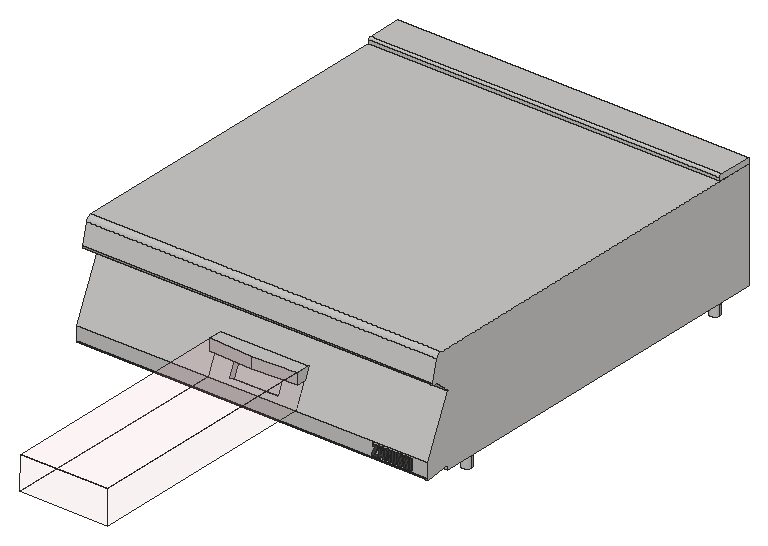
Revit family "QF_ZANUSSI_392161_Z9WTNHN00E", category Specialty Equipment, Revit 2018
Family settings
  Round Connector Dimension = Use Diameter
  Part Type = Normal
  Work Plane-Based = No
  Always vertical = Yes
  Cut with Voids When Loaded = No
  Shared = No
  Room Calculation Point = No
Parameters
  Weight = 44.00 kg
  Watts = 0 W
  Volts = 0 V
  URL Manufacturer = ""
  URL = ""
  Steam Supply Size = 0"
  Steam Supply Minimum Pressure = 0.00 psi
  Steam Supply Maximum Pressure = 0.00 psi
  Steam Pounds per Hour = 0
  Show Logo [instance] = yes
  Show Clearance [instance] = yes
  Refrigeration Suction Line Size = 0"
  Refrigeration Liquid Line Size = 0"
  Refrigerant Compressor Remote = yes
  Phase = 0
  Model = ""
  Manufacturer = ""
  Length Actual = 800 mm  # constant formula
  Item Number = ""
  Hot Water Size = 0"
  Height Actual = 250 mm  # constant formula
  HP = ""
  Gas Size = 0"
  Gas KW = 0
  Gas Input Pressure = 0.0 Btu/h
  Direct Waste Size = 0"
  Description = ""
  Depth Actual = 900 mm  # constant formula
  Cycle = 0 Hz
  Condensate Return Size = 0"
  Compressed Air Volume = 0 GPM
  Compressed Air Size = 0"
  Compressed Air Pressure = 0.00 psi
  Cold Water Size = 0"
  Assembly Code = ""
  Accessory = yes
Types (2, lengths in mm): name | URL Manufacturer | URL | Model | Manufacturer | Item Number | HP | Description
  (no name) | "" | "" | "" | "" | "" | "" | ""
  Standard | "http://www.zanussiprofessional.com" | "http://www.zanussiprofessional.com" | "Z9WTNHN00E" | "Zanussi" | "392161" | "0 HP" | "WORKTOP WITH 1 DRAWER 800 MM"
Reference planes
  plane 1 "BACK": y = -0.25
  plane 2: z = 0
  plane 3 "LEFT": x = 0
  plane 4 "RIGHT": x = 800
  plane 5 "FRONT": y = -915.25
  plane 6 "TOP": z = 288.313
  plane 7 "Center Y": x = 400
  plane 8 "Center X": y = -457.75
  plane 9 "BASE": z = 649.958
  plane 10 "TOP A": z = 899.958
  plane 11: y = -597.884
  plane 12: y = -147.637
  plane 13: z = 900
  plane 14 "2": z = 648.8
  plane 15 "3": z = 898.8
  plane 16: z = 1048.8
  plane 17: y = -1452.25
Forms (mm)
  Extrusion 1, solid, material "QF_Finishes_Stainless Steel"
    sketch origin (0, 0, 624.988) x (0, 1, 0) y (0, 0, 1)
      loop
        line (-0.25, 275.012) -> (-875.329, 275.012)
        arc (-875.329, 275.012) -> (-883.31, 272.303) -> (-887.993, 265.294) r 13.111
        line (-887.993, 265.294) -> (-900.098, 220.118)
        arc (-900.098, 220.118) -> (-899.175, 216.346) -> (-895.499, 215.098) r 4.036
        line (-895.499, 215.098) -> (-887.813, 216.453) -> (-857.93, 186.571) -> (-915.25, 63.672) -> (-915.25, 32.36)
        arc (-915.25, 32.36) -> (-914.092, 29.798) -> (-911.384, 28.918) r 3.5
        line (-911.384, 28.918) -> (-856.25, 34.713) -> (-856.25, 23.812) -> (-0.25, 23.812) -> (-0.25, 275.012)
    from 0 to 800
  Extrusion 2, solid, material "QF_Finishes_Stainless Steel"
    sketch origin (0, 0, -1.158) x (0, 1, 0) y (0, 0, 1)
      loop
        line (-82.125, 908.175) -> (-82.125, 901.158) -> (-0.25, 901.158) -> (-0.25, 913.145) -> (-77.155, 913.145)
        arc (-77.155, 913.145) -> (-80.669, 911.69) -> (-82.125, 908.175) r 4.97
    from 0 to 800
  Extrusion 3, solid, material "QF_Finishes_Stainless Steel"
    sketch origin (0, 0, 71.766) x (1, 0, 0) y (0, 1, 0)
      loop
        circle (11, -790.236) r 11
      loop
        circle (789, -790.236) r 11
      loop
        circle (11, -82.25) r 11
      loop
        circle (789, -82.25) r 11
    from 553.034 to 577.034
  Extrusion 4, solid, material "QF_Finishes_Stainless Steel"
    sketch origin (76.074, 0, -1.158) x (0, 1, 0) y (0, 0, 1)
      loop
        line (-880.029, 767.714) -> (-917.229, 767.714) -> (-917.229, 742.714) -> (-891.687, 742.714) -> (-880.029, 767.714)
    from 223.926 to 423.926
  Extrusion 5, solid, material "QF_Finishes_Clearance", visible <- "Show Clearance"
    sketch origin (100.074, 0, -1.158) x (0, 1, 0) y (0, 0, 1)
      loop
        line (-914.739, 690.9) -> (-878.921, 767.714) -> (-1452.25, 767.714) -> (-1452.25, 690.9) -> (-914.739, 690.9)
    from 199.926 to 399.926
  Extrusion 6, void
    sketch origin (0, 0, 0) x (1, 0, 0) y (0, 1, 0)
      loop
        arc (400, -917.229) -> (349.878, -915.482) -> (300, -910.25) r 719.892
        line (300, -910.25) -> (300, -917.229) -> (400, -917.229)
    from 741.556 to 766.556
  Extrusion 7, void
    sketch origin (800, 0, 0) x (-1, 0, 0) y (0, -1, 0)
      loop
        line (400, 917.229) -> (300, 917.229) -> (300, 910.25)
        arc (300, 910.25) -> (349.878, 915.482) -> (400, 917.229) r 719.892
    from 741.556 to 766.556
  Extrusion 8, void
    sketch origin (0, -917.243, 684.386) x (0, -0.422688, -0.906275) y (-1, 0, 0)
      loop
        line (-77.652, -345) -> (-77.652, -455) -> (-17.652, -455) -> (-17.652, -345) -> (-77.652, -345)
    from 0 to 11.336
Cuts and joins
  Extrusion 6, Extrusion 7 cuts Extrusion 4
  Extrusion 8 cuts Extrusion 1
Lines and regions (mm)
  symbolic lines
    curve 1: line (0, -0.25, 0) -> (800, -0.25, 0)
    curve 2: line (0, -915.25, 0) -> (0, -0.25, 0)
    curve 3: line (800, -0.25, 0) -> (800, -915.25, 0)
    curve 4: line (0, -82.125, 0) -> (800, -82.125, 0)
    curve 5: line (0, -856.25, 0) -> (800, -856.25, 0)
    curve 7: line (0, -887.993, 0) -> (800, -887.993, 0)
    curve 8: line (800, -915.25, 0) -> (0, -915.25, 0)
    curve 12: arc (400, -917.229, 0) -> (349.878, -915.482, 0) -> (300, -910.25, 0) r 719.892
    curve 13: arc (500, -910.25, 0) -> (450.122, -915.482, 0) -> (400, -917.229, 0) r 719.892
    curve 14: line (500, -910.25, 0) -> (500, -900.236, 0)
    curve 15: line (300, -900.236, 0) -> (300, -910.25, 0)
  symbolic lines, style "SpecialityEquipment"
    curve 6: line (0, -900.236, 0) -> (800, -900.236, 0)
  symbolic lines, style "QF-Clearances"
    curve 9: line (300, -915.25, 0) -> (300, -1452.25, 0)
    curve 10: line (300, -1452.25, 0) -> (500, -1452.25, 0)
    curve 11: line (500, -1452.25, 0) -> (500, -915.25, 0)
Dimensions and locks
  equal spacing: plane 3 "LEFT", plane 7 "Center Y", plane 4 "RIGHT"
  plane 3 "LEFT" to plane 4 "RIGHT" = 800 mm
  equal spacing: plane 5 "FRONT", plane 8 "Center X", plane 1 "BACK"
  plane 5 "FRONT" to plane 1 "BACK" = 915 mm
  plane 1 "BACK" to plane 5 "FRONT" = 915 mm
  plane 9 "BASE" to level = 649.958 mm
  plane 10 "TOP A" to plane 9 "BASE" = 250 mm
  plane 4 "RIGHT" to plane 3 "LEFT" = 800 mm
  plane 12 to plane 11 = 450.247 mm
  plane 13 to level = 900 mm
  Extrusion 1 sketch curve to Extrusion 1 sketch curve = 39.713 mm
  Extrusion 1 sketch curve to Extrusion 1 sketch curve = 55.438 mm
  plane 17 to plane 1 "BACK" = 1452 mm
  plane 1 "BACK" to plane 17 = 1452 mm
  aligned and locked: level to plane 2
Automatic sketch dimensions
  Extrusion 1 sketch curve to plane 5 "FRONT" = 0 mm
  Extrusion 1 sketch curve to plane 13 = 0 mm
  Extrusion 1 sketch curve to plane 14 "2" = 0 mm
  Extrusion 1 sketch curve to plane 1 "BACK" = 0 mm
  Extrusion 1 sketch curve to plane 5 "FRONT" = 3.5 mm
  Extrusion 1 sketch curve to plane 5 "FRONT" = 15.152 mm
  Extrusion 1 sketch curve to Extrusion 1 sketch curve = 3.899 mm
  Extrusion 1 sketch curve to Extrusion 1 sketch curve = 0.701 mm
  Extrusion 1 sketch curve to plane 15 "3" = 8.518 mm
  Extrusion 1 sketch curve to plane 5 "FRONT" = 27.257 mm
  Extrusion 1 sketch curve to Extrusion 1 sketch curve = 7.686 mm
  Extrusion 1 sketch curve to Extrusion 1 sketch curve = 12.665 mm
  Extrusion 1 sketch curve to Extrusion 1 sketch curve = 29.883 mm
  plane 9 "BASE" to Extrusion 1 sketch curve = 9.742 mm
  Extrusion 1 sketch curve to Extrusion 1 sketch curve = 55.5 mm
  plane 9 "BASE" to Extrusion 1 sketch curve = 7.428 mm
  Extrusion 1 sketch curve to Extrusion 1 sketch curve = 31.273 mm
  Extrusion 1 sketch curve to Extrusion 1 sketch curve = 75.33 mm
  Extrusion 1 sketch curve to Extrusion 1 sketch curve = 1.355 mm
  Extrusion 1 sketch curve to Extrusion 1 sketch curve = 3.975 mm
  plane 5 "FRONT" to Extrusion 1 sketch curve = 0 mm
  Extrusion 1 sketch curve to Extrusion 1 sketch curve = 0.366 mm
  Extrusion 1 sketch curve to Extrusion 1 sketch curve = 0 mm
  Extrusion 2 sketch curve to plane 13 = 0 mm
  Extrusion 2 sketch curve to plane 1 "BACK" = 0 mm
  plane 13 to Extrusion 2 sketch curve = 7.018 mm
  Extrusion 2 sketch curve to plane 12 = 70.483 mm
  Extrusion 2 sketch curve to Extrusion 2 sketch curve = 4.97 mm
  plane 3 "LEFT" to Extrusion 3 sketch curve = 11 mm  (x2)
  Extrusion 3 sketch curve to plane 4 "RIGHT" = 11 mm  (x2)
  Extrusion 3 sketch curve to plane 5 "FRONT" = 125.014 mm  (x2)
  Extrusion 3 sketch curve to plane 12 = 65.387 mm
  Extrusion 3 sketch curve to plane 12 = 65.388 mm
  plane 5 "FRONT" to Extrusion 4 sketch curve = 1.979 mm
  Extrusion 4 sketch curve to plane 5 "FRONT" = 23.563 mm
  Extrusion 4 sketch curve to Extrusion 4 sketch curve = 11.658 mm
  plane 9 "BASE" to Extrusion 4 sketch curve = 91.599 mm
  Extrusion 4 sketch curve to Extrusion 4 sketch curve = 25 mm
  Extrusion 6 sketch curve to plane 7 "Center Y" = 0 mm  (x2)
  plane 5 "FRONT" to Extrusion 6 sketch curve = 1.979 mm
  Extrusion 6 sketch curve to Extrusion 6 sketch curve = 100 mm
  Extrusion 6 sketch curve to plane 5 "FRONT" = 5 mm
  plane 12 to Extrusion 6 sketch curve = 49.7 mm
  Extrusion 7 sketch curve to plane 7 "Center Y" = 0 mm  (x2)
  Extrusion 7 sketch curve to plane 5 "FRONT" = 1.979 mm
  Extrusion 7 sketch curve to Extrusion 7 sketch curve = 100 mm
  plane 5 "FRONT" to Extrusion 7 sketch curve = 5 mm
  Extrusion 7 sketch curve to plane 12 = 49.7 mm
  Extrusion 8 sketch curve to Extrusion 1 = 62.672 mm
  Extrusion 1 to Extrusion 8 sketch curve = 12.936 mm
  Extrusion 8 sketch curve to Extrusion 1 = 345 mm
  Extrusion 8 sketch curve to Extrusion 8 sketch curve = 110 mm
  Extrusion 5 sketch curve to plane 17 = 0 mm
  Extrusion 5 sketch curve to plane 5 "FRONT" = 0.511 mm
  Extrusion 5 sketch curve to plane 5 "FRONT" = 36.329 mm
  plane 9 "BASE" to Extrusion 5 sketch curve = 39.785 mm
  Extrusion 5 sketch curve to Extrusion 5 sketch curve = 76.814 mm
  curve 12 to curve 13 = 0 mm
  plane 1 "BACK" to curve 1 = 0 mm
  curve 1 to plane 3 "LEFT" = 0 mm
  plane 5 "FRONT" to curve 9 = 0 mm
  curve 10 to plane 17 = 0 mm
  curve 13 to plane 7 "Center Y" = 0 mm
  curve 6 to plane 4 "RIGHT" = 0 mm
  curve 15 to curve 9 = 0 mm
  plane 7 "Center Y" to curve 10 = 100 mm
  curve 14 to curve 11 = 0 mm
  curve 15 to plane 5 "FRONT" = 5 mm
  plane 12 to curve 13 = 49.7 mm
  curve 12 to curve 15 = 10.014 mm
  curve 13 to curve 14 = 10.014 mm
  curve 6 to curve 7 = 12.242 mm
  curve 7 to curve 5 = 31.743 mm
  curve 4 to plane 12 = 65.513 mm
  radius of Extrusion 3 sketch curve = 11 mm  (x4)
Nested families
  nested 1: "ZAN_Logo_S" at (719.87, -915.25, 673.842) x (1, 0, 0) z (0, -1, 0), type "ZAN_Logo_S"
Definition of nested family "ZAN_Logo_S"
  Parameters (values of type "ZAN_Logo_S")
    materiale [instance] = none
    Default Elevation = 0 mm
  Reference planes
    plane 1 "Centro (Fronte/Retro)": y = 0
    plane 2: z = 0
    plane 3 "Centro (Sinistra/Destra)": x = 0
    plane 4: x = 60.13
  Forms (mm)
    Extrusion 1, solid
      sketch origin (0, 0, 0) x (1, 0, 0) y (0, 1, 0)
        loop
          line (-1219.2, 1219.2) -> (-1219.2, -1219.2) -> (1219.2, -1219.2) -> (1219.2, 1219.2) -> (-1219.2, 1219.2)
      from 0 to -304.8
    Extrusion 2, solid, material <- "materiale"
      sketch origin (17.793, -46.218, 0) x (-1, 0, 0) y (0, -1, 0)
        loop
          spline (-4.176, -58.079) -> (-3.496, -58.328) -> (-2.793, -58.512) -> (-2.075, -58.63) -> (-1.348, -58.682) -> (-0.619, -58.669) -> (0.106, -58.588) -> (0.818, -58.44) -> (1.512, -58.225) -> (2.18, -57.941) -> (2.817, -57.589) -> (3.414, -57.167) -> (3.966, -56.676)
          spline (3.966, -56.676) -> (4.293, -56.162) -> (4.575, -55.61) -> (4.81, -55.026) -> (5, -54.419) -> (5.146, -53.797) -> (5.247, -53.166) -> (5.304, -52.536) -> (5.318, -51.913) -> (5.288, -51.306) -> (5.217, -50.723) -> (5.103, -50.17) -> (4.949, -49.657)
          line (4.949, -49.657) -> (2.702, -46.428) -> (0.316, -44.323)
          spline (0.316, -44.323) -> (0.065, -44.115) -> (-0.195, -43.909) -> (-0.46, -43.704) -> (-0.729, -43.496) -> (-0.997, -43.282) -> (-1.263, -43.059) -> (-1.523, -42.825) -> (-1.774, -42.576) -> (-2.013, -42.309) -> (-2.238, -42.022) -> (-2.445, -41.712) -> (-2.632, -41.375)
          spline (-2.632, -41.375) -> (-2.666, -41.159) -> (-2.697, -40.934) -> (-2.722, -40.701) -> (-2.736, -40.465) -> (-2.736, -40.227) -> (-2.72, -39.989) -> (-2.682, -39.754) -> (-2.621, -39.524) -> (-2.533, -39.302) -> (-2.414, -39.091) -> (-2.261, -38.892) -> (-2.07, -38.708)
          line (-2.07, -38.708) -> (-0.245, -38.567)
          spline (-0.245, -38.567) -> (0.096, -38.8) -> (0.354, -39.074) -> (0.54, -39.381) -> (0.664, -39.716) -> (0.738, -40.073) -> (0.772, -40.445) -> (0.777, -40.825) -> (0.763, -41.208) -> (0.742, -41.588) -> (0.723, -41.957) -> (0.718, -42.309) -> (0.737, -42.638)
          line (0.737, -42.638) -> (5.65, -42.638)
          spline (5.65, -42.638) -> (5.708, -42.042) -> (5.741, -41.448) -> (5.747, -40.857) -> (5.723, -40.273) -> (5.668, -39.696) -> (5.58, -39.129) -> (5.457, -38.574) -> (5.297, -38.032) -> (5.098, -37.506) -> (4.857, -36.997) -> (4.574, -36.508) -> (4.247, -36.041)
          spline (4.247, -36.041) -> (3.844, -35.675) -> (3.409, -35.35) -> (2.946, -35.065) -> (2.458, -34.819) -> (1.949, -34.612) -> (1.421, -34.444) -> (0.88, -34.314) -> (0.326, -34.221) -> (-0.234, -34.165) -> (-0.8, -34.146) -> (-1.366, -34.163) -> (-1.93, -34.216)
          spline (-1.93, -34.216) -> (-2.526, -34.309) -> (-3.116, -34.448) -> (-3.695, -34.633) -> (-4.259, -34.861) -> (-4.801, -35.131) -> (-5.316, -35.444) -> (-5.799, -35.798) -> (-6.245, -36.191) -> (-6.648, -36.624) -> (-7.002, -37.095) -> (-7.303, -37.603) -> (-7.545, -38.146)
          spline (-7.545, -38.146) -> (-7.694, -38.815) -> (-7.792, -39.487) -> (-7.839, -40.158) -> (-7.836, -40.824) -> (-7.785, -41.482) -> (-7.685, -42.129) -> (-7.539, -42.762) -> (-7.347, -43.377) -> (-7.111, -43.97) -> (-6.83, -44.538) -> (-6.506, -45.078) -> (-6.141, -45.586)
          line (-6.141, -45.586) -> (-0.526, -50.64) -> (0.176, -51.482)
          spline (0.176, -51.482) -> (0.248, -51.66) -> (0.323, -51.843) -> (0.397, -52.03) -> (0.467, -52.22) -> (0.529, -52.412) -> (0.579, -52.605) -> (0.615, -52.798) -> (0.633, -52.989) -> (0.63, -53.179) -> (0.601, -53.366) -> (0.545, -53.55) -> (0.456, -53.728)
          spline (0.456, -53.728) -> (0.375, -53.892) -> (0.273, -54.034) -> (0.154, -54.155) -> (0.02, -54.258) -> (-0.126, -54.343) -> (-0.28, -54.412) -> (-0.441, -54.466) -> (-0.604, -54.508) -> (-0.767, -54.537) -> (-0.928, -54.556) -> (-1.082, -54.567) -> (-1.228, -54.57)
          line (-1.228, -54.57) -> (-2.632, -53.587) -> (-2.772, -50.64) -> (-7.405, -50.64)
          spline (-7.405, -50.64) -> (-7.41, -51.031) -> (-7.423, -51.432) -> (-7.44, -51.839) -> (-7.456, -52.251) -> (-7.469, -52.665) -> (-7.475, -53.079) -> (-7.468, -53.489) -> (-7.446, -53.894) -> (-7.404, -54.291) -> (-7.339, -54.679) -> (-7.247, -55.053) -> (-7.123, -55.412)
          spline (-7.123, -55.412) -> (-6.999, -55.693) -> (-6.837, -55.97) -> (-6.643, -56.244) -> (-6.422, -56.509) -> (-6.177, -56.765) -> (-5.913, -57.009) -> (-5.634, -57.238) -> (-5.346, -57.45) -> (-5.051, -57.643) -> (-4.755, -57.814) -> (-4.462, -57.96) -> (-4.176, -58.079)
        loop
          spline (-21.021, -55.552) -> (-20.633, -56.181) -> (-20.177, -56.736) -> (-19.661, -57.217) -> (-19.092, -57.627) -> (-18.478, -57.966) -> (-17.827, -58.237) -> (-17.147, -58.441) -> (-16.446, -58.578) -> (-15.73, -58.652) -> (-15.009, -58.662) -> (-14.29, -58.611) -> (-13.581, -58.5)
          spline (-13.581, -58.5) -> (-13.088, -58.407) -> (-12.595, -58.269) -> (-12.109, -58.088) -> (-11.636, -57.866) -> (-11.183, -57.605) -> (-10.756, -57.307) -> (-10.361, -56.974) -> (-10.004, -56.608) -> (-9.692, -56.211) -> (-9.431, -55.784) -> (-9.228, -55.33) -> (-9.089, -54.851)
          spline (-9.089, -54.851) -> (-8.873, -54.211) -> (-8.715, -53.559) -> (-8.615, -52.901) -> (-8.574, -52.241) -> (-8.592, -51.585) -> (-8.668, -50.938) -> (-8.802, -50.306) -> (-8.995, -49.693) -> (-9.247, -49.106) -> (-9.557, -48.55) -> (-9.925, -48.03) -> (-10.352, -47.551)
          line (-10.352, -47.551) -> (-15.546, -42.919) -> (-16.669, -41.234)
          spline (-16.669, -41.234) -> (-16.704, -41.021) -> (-16.735, -40.804) -> (-16.761, -40.583) -> (-16.778, -40.361) -> (-16.784, -40.139) -> (-16.774, -39.919) -> (-16.748, -39.701) -> (-16.7, -39.488) -> (-16.63, -39.28) -> (-16.533, -39.08) -> (-16.406, -38.889) -> (-16.248, -38.708)
          line (-16.248, -38.708) -> (-14.844, -38.427)
          spline (-14.844, -38.427) -> (-14.347, -38.545) -> (-13.969, -38.749) -> (-13.695, -39.028) -> (-13.508, -39.368) -> (-13.393, -39.757) -> (-13.335, -40.182) -> (-13.318, -40.63) -> (-13.326, -41.089) -> (-13.344, -41.546) -> (-13.356, -41.988) -> (-13.347, -42.403) -> (-13.3, -42.779)
          line (-13.3, -42.779) -> (-8.387, -42.638)
          spline (-8.387, -42.638) -> (-8.326, -42.034) -> (-8.288, -41.417) -> (-8.277, -40.794) -> (-8.299, -40.169) -> (-8.357, -39.548) -> (-8.457, -38.936) -> (-8.604, -38.339) -> (-8.803, -37.762) -> (-9.058, -37.21) -> (-9.375, -36.689) -> (-9.758, -36.204) -> (-10.212, -35.76)
          spline (-10.212, -35.76) -> (-10.793, -35.336) -> (-11.409, -34.976) -> (-12.054, -34.679) -> (-12.723, -34.445) -> (-13.409, -34.273) -> (-14.107, -34.163) -> (-14.811, -34.115) -> (-15.515, -34.127) -> (-16.213, -34.2) -> (-16.899, -34.333) -> (-17.568, -34.526) -> (-18.213, -34.777)
          spline (-18.213, -34.777) -> (-18.496, -34.897) -> (-18.783, -35.044) -> (-19.071, -35.216) -> (-19.357, -35.412) -> (-19.639, -35.629) -> (-19.915, -35.865) -> (-20.182, -36.119) -> (-20.438, -36.389) -> (-20.681, -36.672) -> (-20.907, -36.967) -> (-21.115, -37.272) -> (-21.301, -37.585)
          spline (-21.301, -37.585) -> (-21.55, -38.26) -> (-21.734, -38.948) -> (-21.854, -39.647) -> (-21.91, -40.351) -> (-21.901, -41.057) -> (-21.828, -41.761) -> (-21.69, -42.459) -> (-21.489, -43.148) -> (-21.222, -43.823) -> (-20.892, -44.48) -> (-20.497, -45.116) -> (-20.038, -45.726)
          line (-20.038, -45.726) -> (-14.142, -51.061) -> (-13.44, -52.886) -> (-14.002, -54.289) -> (-15.265, -54.57) -> (-16.669, -53.587) -> (-16.81, -50.78) -> (-21.582, -50.64)
          spline (-21.582, -50.64) -> (-21.558, -51.063) -> (-21.55, -51.491) -> (-21.554, -51.92) -> (-21.561, -52.35) -> (-21.567, -52.778) -> (-21.565, -53.201) -> (-21.547, -53.619) -> (-21.509, -54.029) -> (-21.444, -54.43) -> (-21.345, -54.818) -> (-21.206, -55.193) -> (-21.021, -55.552)
        loop
          line (-22.424, -34.216) -> (-27.337, -34.216) -> (-27.337, -58.22) -> (-22.424, -58.22) -> (-22.424, -34.216)
        loop
          line (14.213, -39.971) -> (14.213, -58.22) -> (19.126, -58.22) -> (19.126, -42.077) -> (18.845, -38.146) -> (18.424, -37.164) -> (17.442, -35.9) -> (16.459, -35.199) -> (14.494, -34.356) -> (13.511, -34.216) -> (11.265, -34.216) -> (10.142, -34.497) -> (8.458, -35.479) -> (6.493, -38.287) -> (6.352, -39.269) -> (6.352, -58.22) -> (11.265, -58.22) -> (11.265, -40.392) -> (11.827, -39.129) -> (13.371, -38.988) -> (14.213, -39.971)
        loop
          line (20.249, -58.22) -> (24.741, -58.22) -> (24.741, -42.919) -> (28.812, -58.22) -> (34.006, -58.22) -> (34.006, -34.216) -> (29.654, -34.216) -> (29.654, -50.078) -> (25.583, -34.216) -> (20.249, -34.216) -> (20.249, -58.22)
        loop
          line (50.149, -58.22) -> (62.361, -58.22) -> (62.361, -53.728) -> (55.904, -53.868) -> (62.923, -39.129) -> (62.923, -34.216) -> (50.149, -34.216) -> (50.149, -39.129) -> (57.517, -39.129) -> (50.149, -54.149) -> (50.149, -58.22)
        loop
          line (38.778, -58.22) -> (45.516, -58.22) -> (49.868, -34.216) -> (44.814, -34.216) -> (44.113, -38.848) -> (40.042, -38.848) -> (39.34, -34.216) -> (34.286, -34.216) -> (38.778, -58.22)
        loop
          line (43.551, -43.2) -> (40.744, -43.2) -> (42.147, -54.117) -> (43.551, -43.2)
      from 0 to 1.644
  Dimensions and locks
    aligned and locked: plane 2 to Extrusion 1
    aligned and locked: level to Extrusion 1
